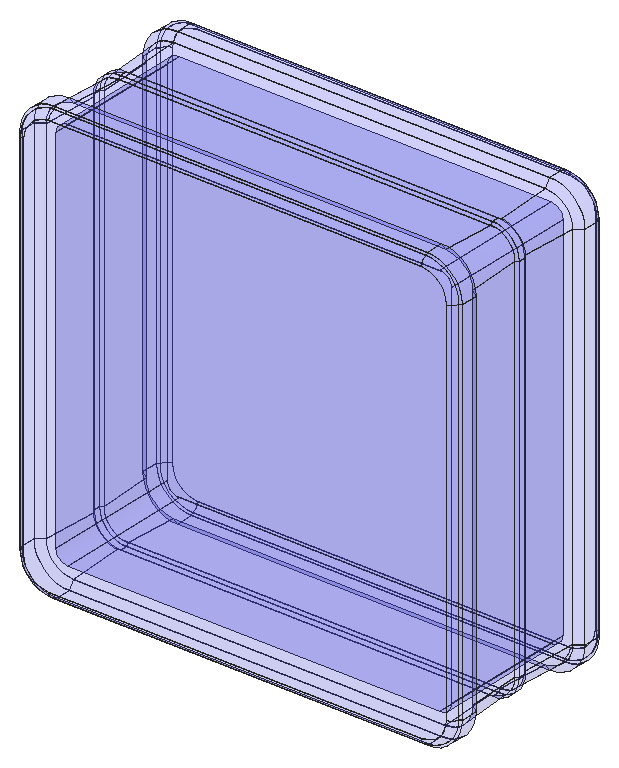
Revit family
Parameters (values of type "190x190x80")
  glasdikte = 10 mm
  glas = glazen bouwsteen
  Height = 190 mm
  Default Sill Height = 800 mm
  Wall Closure = (empty or 0)
  Width = 190 mm
Types (3, lengths in mm): name | glas | Width
  (no name) | glazen bouwsteen | 190
  190x90x80 | Glass | 90
  190x190x80 | glazen bouwsteen | 190
Reference planes
  plane 1 "Center (Front/Back)": y = 0
  plane 2 "Center (Left/Right)": x = 0
  plane 3 "Left": x = -95
  plane 4 "Right": x = 95
  plane 5 "Sill": z = 800
  plane 6 "Head": z = 990
  plane 7 "Exterior": y = 40
  plane 8 "Interior": y = -40
  plane 9: y = 40
  plane 10: y = -40
  plane 11: x = -85
  plane 12: x = 85
  plane 13: z = 810
  plane 14: z = 980
  plane 15: y = -30
  plane 16: y = 30
Forms (mm)
  Extrusion 1, solid, material "glazen bouwsteen" <- "glas"
    sketch origin (0, 0, 0) x (1, 0, 0) y (0, 0, 1)
      loop
        line (-85, 810) -> (85, 810) -> (85, 980) -> (-85, 980) -> (-85, 810)
    from 40 to 30
  Extrusion 2, solid, material "glazen bouwsteen" <- "glas"
    sketch origin (62.739, 0, 0) x (1, 0, 0) y (0, 0, 1)
      loop
        line (-147.739, 810) -> (22.261, 810) -> (22.261, 980) -> (-147.739, 980) -> (-147.739, 810)
    from -30 to -40
  Sweep 3, solid, material "glazen bouwsteen" <- "glas"
    path origin (0, 0, 0) x (1, 0, 0) y (0, 0, 1)
      loop
        arc (-85, 815) -> (-83.536, 811.464) -> (-80, 810) r 5
        line (-80, 810) -> (80, 810)
        arc (80, 810) -> (83.536, 811.464) -> (85, 815) r 5
        line (85, 815) -> (85, 975)
        arc (85, 975) -> (83.536, 978.536) -> (80, 980) r 5
        line (80, 980) -> (-80, 980)
        arc (-80, 980) -> (-83.536, 978.536) -> (-85, 975) r 5
        line (-85, 975) -> (-85, 815)
    profile "32_profiel_rand_glazenbouwsteen : 32_profiel_rand_glazenbouwsteen" origin (-85, 0, 895) x (-1, 0, 0) y (0, -1, 0)
      loop
        line (0, 40) -> (0, -40) -> (5.768, -40)
        arc (5.768, -40) -> (7.889, -39.141) -> (8.815, -37.049) r 3.048
        line (8.815, -37.049) -> (10, -36.819) -> (10, -29.102) -> (6.565, -26.871) -> (5.288, -2.503) -> (6.526, -1.788) -> (6.526, 1.788) -> (5.288, 2.503) -> (6.565, 26.871) -> (10, 29.102) -> (10, 36.819) -> (8.815, 37.049)
        arc (8.815, 37.049) -> (7.889, 39.141) -> (5.768, 40) r 3.048
        line (5.768, 40) -> (0, 40)
Cuts and joins
  joined: Extrusion 1, Extrusion 2, Sweep 3
Lines and regions (mm)
  Opening 1
    outline origin (3500, -40, 0) x (1, 0, 0) y (0, 0, 1)
      loop
        line (-3405, 800) -> (-3405, 990) -> (-3595, 990) -> (-3595, 800) -> (-3405, 800)
Text (mm)
  text "EXTERIOR" at (-1963.203, 1332.353, 0), in view "Ref. Level"
  text "INTERIOR" at (-1981.466, -818.386, 0), in view "Ref. Level"
  text "Exterior" at (0, 923.751, 2943.296), in view "Right"
  text "Exterior" at (0, 1040.484, 2685.409), in view "Left"
Dimensions and locks
  equal spacing: plane 3 "Left", plane 2 "Center (Left/Right)", plane 4 "Right"
  "Width": plane 3 "Left" to plane 4 "Right"
  "Height": plane 5 "Sill" to plane 6 "Head"
  "Default Sill Height": plane 5 "Sill" to level
  locked: plane 7 "Exterior" to host wall at 0
  locked: plane 8 "Interior" to host wall
  locked: plane 10 to plane 1 "Center (Front/Back)" at 40
  locked: plane 1 "Center (Front/Back)" to plane 9 at 40
  "glasdikte": plane 6 "Head" to plane 14
  "glasdikte": plane 13 to plane 5 "Sill"
  "glasdikte": plane 3 "Left" to plane 11
  "glasdikte": plane 12 to plane 4 "Right"
  "glasdikte": plane 15 to plane 10
  "glasdikte": plane 9 to plane 16
  aligned and locked: Extrusion 1 to plane 15
  aligned and locked: Extrusion 2 to plane 16
  aligned and locked: Extrusion 2 to plane 11
  aligned and locked: plane 12 to Extrusion 1
  aligned and locked: Extrusion 1 to plane 11
  aligned and locked: plane 12 to Extrusion 2
Automatic sketch dimensions
  Opening 1 sketch curve to plane 3 "Left" = 0 mm
  Opening 1 sketch curve to plane 4 "Right" = 0 mm
  Opening 1 sketch curve to plane 5 "Sill" = 0 mm
  Opening 1 sketch curve to plane 6 "Head" = 0 mm
  Extrusion 1 sketch curve to plane 11 = 0 mm
  Extrusion 1 sketch curve to plane 12 = 0 mm
  Extrusion 1 sketch curve to plane 13 = 0 mm
  Extrusion 1 sketch curve to plane 14 = 0 mm
  Extrusion 2 sketch curve to plane 14 = 0 mm
  Extrusion 2 sketch curve to plane 13 = 0 mm
  Extrusion 2 sketch curve to plane 12 = 170 mm
  plane 4 "Right" to Extrusion 2 sketch curve = 10 mm
  Sweep 3 sketch curve to plane 11 = 0 mm
  Sweep 3 sketch curve to plane 14 = 0 mm
  Sweep 3 sketch curve to plane 13 = 0 mm
  Sweep 3 sketch curve to plane 12 = 0 mm
  plane 11 to Sweep 3 sketch curve = 5 mm  (x2)
  Sweep 3 sketch curve to plane 12 = 5 mm  (x2)
